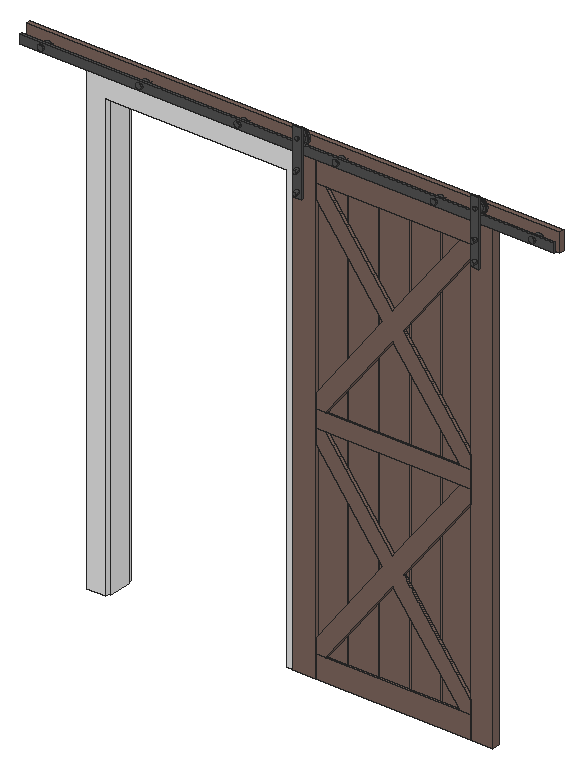
Revit family "Door_Barn_Sagrada", category Doors, host Wall, Revit 2026
Family settings
  Host = Wall
  Classification Number = 23.30.10.17.11
  Always vertical = Yes
  Cut with Voids When Loaded = No
  Shared = No
  Room Calculation Point = No
Parameters (values of type "Cherry")
  panelmovement [instance] = if(Percent Open = 0, 0' 0", 3' 0" / ((100 / Percent Open)))  # 3' - 0"
  longtrackmounts = yes
  Width of Blocking Mounting Board [instance] = 0' - 3 1/2"
  Type Comments = "Confirm Opening Size Requirements"
  Track Width = 8' - 0"
  Strap Design [instance] = BarnDoorStraps : Straight Strap
  Standards Conformance = ""
  Sound Transmission Class (STC) = 0
  Show Generic Cased Opening [instance] = yes
  RO Offset [instance] = 0' - 0 3/4"
  Percent Open [instance] = 100
  Panel Width = 3' - 0"
  Panel Thickness = 0' - 1 3/8"
  Panel Stile Width [instance] = 0' - 4"
  Panel Rail Width_Top [instance] = 0' - 4"
  Panel Rail Width_Bottom [instance] = 0' - 4"
  Panel Intermediate Rail Widths [instance] = 0' - 3"
  Panel Height = 7' - 0"
  Panel Center Rail Width [instance] = 0' - 3"
  Minimum Width = 0' - 0"
  Maximum Width = 0' - 0"
  Locate Center of Track [instance] = 0' - 1 1/2"
  Include Blocking Mounting Board [instance] = yes
  Height to Bottom of Blocking Mounting Board [instance] = 7' - 0 1/16"
  Generic Casing Finish [instance] = Wood - Renin - Painted White
  Function = Interior
  Frame Finish [instance] = Metal - Renin - Matte Black Steel
  Door Finish [instance] = Wood - Renin - Cherry
  Door Design = Door_Barn-Panel_Renin_X : Grooved Wood Panel
  Clear Opening Width [instance] = 2' - 8"
  Clear Opening Height [instance] = 6' - 8"
  Warranty Duration (Years) = 0
  URL = "https://www.renin.com/"
  Thickness = 0' - 0"  # constant formula
  Test Data = ""
  Specification = ""
  SpecWizard = ""
  Send Message = ""
  Sales Information = "https://www.renin.com/contact-us/"
  Rough Width [instance] = (Clear Opening Width + (RO Offset * 2))  # 2' - 9 1/2"
  Rough Height [instance] = (Clear Opening Height + (RO Offset))  # 6' - 8 3/4"
  Product Properties = ""
  Product Data = "http://www.arcat.com/arcatcos/cos49/arc49687.html"
  Manufacturer Website = "https://www.renin.com/"
  Manufacturer Phone - Toll Free = ""
  Manufacturer Fax = "905-791-3813"
  Manufacturer Address = "110 Walker Dr.   Brampton, ON, Canada    L6T 4H6"
  Maintenance Schedule (Months) = 0
  Installation-Fabrication = ""
  Installation Phase = ""
  Green Building-LEED = ""
  Model = "Sagrada - Cherry"
  Manufacturer = "Renin Corp"
  Keynote = "08 00 00"
  Height [instance] = 0' - 0"  # constant formula
  Wall Closure = By host
  Width [instance] = 0' - 0"  # constant formula
  Fire Rating = "As Specified"
  Expected Lifespan (Years) = 0
  Drawn By = "Sumex Design, Inc. / Robert S. Weygant, CSI, CDT, SCIP"  # constant formula
  Description = "Renin Barn Door and Track - Sagrada as Specified"
  Copyright = "©Arcat Inc. R1_2017-03"  # constant formula
  Construction Details = ""
  Center Door Panel Material [instance] = Wood - Renin - Cherry
  Door CL Projection from Wall [instance] = 0' - 2 1/8"
  Building Codes = ""
  Available Options = ""
  Assembly Code = "C1020100"
  Analytic Construction = "<None>"
  Air Space Beneath Door = 0' - 0 7/16"
Reference planes (in)
  plane 1 "Center (Front/Back)": y = -33.96225
  plane 2 "Center (Left/Right)": x = 34.28704
  plane 3: z = 0
  plane 4 "Right": x = 50.28704
  plane 5 "Left": x = 18.28704
  plane 6: z = 0
  plane 7 "Top of Frame": z = 80
  plane 8 "RO Top": z = 80.75
  plane 9 "RO Right": x = 51.03704
  plane 10 "RO Left": x = 17.53704
  plane 11 "EXT WALL FACE": y = -31.96225
  plane 12 "INT WALL FACE": y = -35.96225
  plane 13: x = 51.78704
  plane 14: x = 3.78704
  plane 15: x = 99.78704
  plane 16: y = -38.08725
  plane 17: z = 84.4375
  plane 18: z = 0.4375
  plane 19: z = 85.5625
  plane 20: y = -37.39975
  plane 21: y = -38.77475
  plane 22: x = 52.28704
  plane 23: x = 88.28704
  plane 24: x = 70.28704
Forms (in)
  Sweep 1, solid, material "Wood - Renin - Painted White" <- "Generic Casing Finish", visible <- "Show Generic Cased Opening"
    path origin (0, -35.96225, 0) x (-1, 0, 0) y (0, 0, 1)
      loop
        line (-18.28704, 0) -> (-18.28704, 80) -> (-50.28704, 80) -> (-50.28704, 0)
    profile origin (18.28704, -35.96225, 40) x (1, 0, 0) y (0, 1, 0)
      loop
        line (0, 0) -> (0, 4) -> (-0.75, 4) -> (-0.75, 0) -> (0, 0)
  Sweep 2, solid, material "Wood - Renin - Painted White" <- "Generic Casing Finish", visible <- "Show Generic Cased Opening"
    path origin (0, -35.96225, 0) x (-1, 0, 0) y (0, 0, 1)
      loop
        line (-18.28704, 0) -> (-18.28704, 80) -> (-50.28704, 80) -> (-50.28704, 0)
    profile origin (18.28704, -35.96225, 40) x (1, 0, 0) y (0, 1, 0)
      loop
        line (-0.25, 4) -> (-0.25, 4.75) -> (-3.75, 4.75) -> (-3.75, 4) -> (-0.25, 4)
      loop
        line (-0.25, 0) -> (-3.75, 0) -> (-3.75, -0.75) -> (-0.25, -0.75) -> (-0.25, 0)
  Extrusion 3, solid, material "Metal - Renin - Matte Black Steel" <- "Frame Finish"
    sketch origin (10.10712, -38.08725, 48) x (-1, 0, 0) y (0, 0, 1)
      loop
        line (-89.67991, 38.4375) -> (-89.67991, 36.6875) -> (6.32009, 36.6875) -> (6.32009, 38.4375) -> (-89.67991, 38.4375)
    from 0.125 to -0.125
  Extrusion 4, solid, material "Wood - Renin - Cherry" <- "Door Finish", visible <- "Include Blocking Mounting Board"
    sketch origin (0, -35.96225, 0) x (-1, 0, 0) y (0, 0, 1)
      loop
        line (-3.78704, 87.5625) -> (-99.78704, 87.5625) -> (-99.78704, 84.0625) -> (-3.78704, 84.0625) -> (-3.78704, 87.5625)
    from 0 to -0.75
  Extrusion 5, solid, material "Metal - Renin - Matte Black Steel" <- "Frame Finish", visible <- "longtrackmounts"
    sketch origin (10.10712, -38.08725, 48) x (-1, 0, 0) y (0, 0, 1)
      loop
        circle (-50.52366, 37.5625) r 0.5
      loop
        circle (-68.21116, 37.5625) r 0.5
      loop
        circle (-85.89866, 37.5625) r 0.5
      loop
        circle (-32.83616, 37.5625) r 0.5
      loop
        circle (-15.14866, 37.5625) r 0.5
      loop
        circle (2.53884, 37.5625) r 0.5
    from -0.31146 to 2.125
Lines and regions (in)
  Opening 1
    outline origin (-109.33485, -35.96225, 0) x (1, 0, 0) y (0, 0, 1)
      loop
        line (126.87189, 0) -> (160.37189, 0) -> (160.37189, 80.75) -> (126.87189, 80.75) -> (126.87189, 0)
Text (in)
  text "Exterior" at (-73.77742, -16.66641, 0), in view "Plan"
  text "Interior" at (-73.77742, -50.14366, 0), in view "Plan"
  text "Exterior" at (0, -17.98638, 123.01588), in view "Right"
  text "Interior" at (0, -64.39139, 123.01588), in view "Right"
  text "Interior" at (0, -52.09468, 121.14095), in view "Left"
  text "Exterior" at (0, 26.35325, 123.00693), in view "Left"
Dimensions and locks (in)
  equal spacing: plane 4 "Right", plane 2 "Center (Left/Right)", plane 5 "Left"
  "Clear Opening Width": plane 5 "Left" to plane 4 "Right"
  "Clear Opening Height": level to plane 7 "Top of Frame"
  "RO Offset": plane 5 "Left" to plane 10 "RO Left"
  "RO Offset": plane 9 "RO Right" to plane 4 "Right"
  "RO Offset": plane 7 "Top of Frame" to plane 8 "RO Top"
  Sweep 2 sketch curve to plane 11 "EXT WALL FACE" to Sweep 2 sketch curve = 0' - 0 3/4" locked, 0' - 0" locked
  plane 12 "INT WALL FACE" to Sweep 2 sketch curve to Sweep 2 sketch curve = 0' - 0" locked, 0' - 0 3/4" locked
  Sweep 2 sketch curve to plane 10 "RO Left" to Sweep 2 sketch curve = 0' - 3" locked, 0' - 0 1/2" locked  (x2)
  "Locate Center of Track": plane 4 "Right" to plane 13
  equal spacing: plane 15, plane 13, plane 14
  "Track Width": plane 15 to plane 14
  "Door CL Projection from Wall": plane 12 "INT WALL FACE" to plane 16
  "Air Space Beneath Door": plane 18 to level
  "Panel Height": plane 17 to plane 18
  locked: plane 19 to plane 17 at 1.125
  Extrusion 3 sketch curve to plane 19 to Extrusion 3 sketch curve = 0' - 0 7/8" locked, 0' - 0 7/8" locked
  equal spacing: plane 20, plane 16, plane 21
  "Panel Thickness": plane 20 to plane 21
  locked: plane 23 to plane 22 at 36
  equal spacing: plane 23, plane 24, plane 22
  "panelmovement": plane 24 to plane 2 "Center (Left/Right)"
  "Height to Bottom of Blocking Mounting Board": Extrusion 4 sketch curve to level
  "Width of Blocking Mounting Board": Extrusion 4 sketch curve to Extrusion 4 sketch curve
  Extrusion 5 sketch curve to Extrusion 5 sketch curve to Extrusion 5 sketch curve to plane 13 = 1' - 5 11/16" locked, 1' - 5 11/16" locked, 0' - 8 27/32" locked
  Extrusion 5 sketch curve to Extrusion 5 sketch curve to Extrusion 5 sketch curve = 1' - 5 11/16" locked, 1' - 5 11/16" locked
  locked: plane 13 to Extrusion 5 sketch curve at 8.84375
  aligned and locked: host wall to plane 1 "Center (Front/Back)"
  aligned and locked: Opening 1 sketch curve to level
  aligned and locked: plane 9 "RO Right" to Opening 1 sketch curve
  aligned and locked: Opening 1 sketch curve to plane 8 "RO Top"
  aligned and locked: plane 10 "RO Left" to Opening 1 sketch curve
  aligned and locked: plane 12 "INT WALL FACE" to host wall
  aligned and locked: host wall to plane 11 "EXT WALL FACE"
  aligned and locked: plane 4 "Right" to Sweep 1 sketch curve
  aligned and locked: Sweep 1 sketch curve to plane 5 "Left"
  aligned and locked: Sweep 1 sketch curve to plane 7 "Top of Frame"
  aligned and locked: Sweep 1 sketch curve to plane 11 "EXT WALL FACE"
  aligned and locked: plane 12 "INT WALL FACE" to Sweep 1 sketch curve
  aligned and locked: plane 10 "RO Left" to Sweep 1 sketch curve
  aligned and locked: plane 5 "Left" to Sweep 1 sketch curve
  aligned and locked: plane 5 "Left" to Sweep 2 sketch curve
  aligned and locked: plane 7 "Top of Frame" to Sweep 2 sketch curve
  aligned and locked: Sweep 2 sketch curve to plane 4 "Right"
  aligned and locked: Extrusion 3 sketch curve to plane 15
  aligned and locked: Extrusion 3 sketch curve to plane 14
  aligned and locked: plane 20 to nested 1
  aligned and locked: nested 1 to plane 24
  aligned and locked: plane 24 to nested 2
  aligned and locked: nested 2 to plane 21
  aligned and locked: plane 14 to Extrusion 4 sketch curve
  aligned and locked: plane 15 to Extrusion 4 sketch curve
  aligned and locked: plane 12 "INT WALL FACE" to Extrusion 5
Automatic sketch dimensions
  Sweep 1 sketch curve to level = 0' - 0"  (x2)
  Sweep 2 sketch curve to level = 0' - 0"  (x2)
  Extrusion 5 sketch curve to plane 19 = 0' - 0"  (x6)
  radius of Extrusion 5 sketch curve = 0' - 0 1/2"  (x6)
Nested families (in)
  nested 1: "Door_Barn-Panel_Renin_X" at (70.28704, -36.02475, 0), type <- "Door Design", Stile Width <- "Panel Stile Width", Rail Width_Top <- "Panel Rail Width_Top", Rail Width_Bottom <- "Panel Rail Width_Bottom", Intermediate Rail Width <- "Panel Intermediate Rail Widths", Center Panel Material <- "Center Door Panel Material", Door Finish <- "Door Finish", Center Rail Width <- "Panel Center Rail Width", type "Grooved Wood Panel"
    with groovelineextension 6' - 4", Stile Width 0' - 4", Rail Width_Top 0' - 4", Rail Width_Bottom 0' - 4", Panel Width 3' - 0", Panel Thickness 0' - 1 3/8", Panel Height 7' - 0", Intermediate Rail Width 0' - 3", Door Finish Wood - Renin - Cherry, Center Rail Width 0' - 3", Center Panel Thickness 0' - 0 1/2", Center Panel Material Wood - Renin - Cherry
  nested 2: "BarnDoorStraps" at (70.28704, -38.77475, 84.4375), type <- "Strap Design", Stile Width <- "Panel Stile Width", finish <- "Frame Finish", type "Straight Strap"
    with finish Metal - Renin - Matte Black Steel, Stile Width 0' - 4", Top Mount no, Strap Mountings yes, Straight Strap yes
Definition of nested family "Door_Barn-Panel_Renin_X"
  Parameters
    groovelineextension [instance] = if(Grooved Wood Panel, Panel Height - Rail Width_Top - Rail Width_Bottom, 0' 0")  # 6' - 4"
    Stile Width [instance] = 0' - 4.0428"
    Rail Width_Top [instance] = 0' - 4"
    Rail Width_Bottom [instance] = 0' - 4"
    Panel Width [instance] = 3' - 0"
    Panel Thickness [instance] = 0' - 1 3/8"
    Panel Height [instance] = 7' - 0"
    Intermediate Rail Width [instance] = 0' - 3"
    Grooved Wood Panel = yes
    Glazing Panel = no
    Door Finish [instance] = none
    Default Elevation = 0' - 0"  # constant formula
    Center Rail Width [instance] = 0' - 3"
    Center Panel Thickness [instance] = 0' - 0 1/2"
    Center Panel Material [instance] = none
  Reference planes (in)
    plane 1 "Center (Front/Back)": y = 0
    plane 2: z = 0
    plane 3 "Center (Left/Right)": x = 0
    plane 4: x = -18
    plane 5: x = 18
    plane 6: z = 0.4375
    plane 7: z = 84.4375
    plane 8: y = -1.375
    plane 9: z = 80.4375
    plane 10: z = 4.4375
    plane 11: x = -13.9572
    plane 12: x = 13.9572
    plane 13: y = -0.6875
    plane 14: y = -0.4375
    plane 15: y = -0.9375
    plane 16: x = -8.37432
    plane 17: x = -2.79144
    plane 18: x = 2.79144
    plane 19: x = 8.37432
    plane 20: z = 42.4375
    plane 21: z = 43.9375
    plane 22: z = 40.9375
  Forms (in)
    Extrusion 1, solid, material <- "Door Finish"
      sketch origin (0, 0, 0) x (1, 0, 0) y (0, 0, 1)
        loop
          line (-13.9572, 4.4375) -> (-13.9572, 0.4375) -> (13.9572, 0.4375) -> (13.9572, 4.4375) -> (-13.9572, 4.4375)
      from 0 to 1.375 <- "Panel Thickness"
    Extrusion 2, solid, material <- "Door Finish"
      sketch origin (0, 0, 0) x (1, 0, 0) y (0, 0, 1)
        loop
          line (-18, 84.4375) -> (-18, 0.4375) -> (-13.9572, 0.4375) -> (-13.9572, 84.4375) -> (-18, 84.4375)
        loop
          line (13.9572, 84.4375) -> (13.9572, 0.4375) -> (18, 0.4375) -> (18, 84.4375) -> (13.9572, 84.4375)
      from 0 to 1.375 <- "Panel Thickness"
    Extrusion 3, solid, material <- "Door Finish"
      sketch origin (0, 0, 0) x (1, 0, 0) y (0, 0, 1)
        loop
          line (-13.9572, 84.4375) -> (-13.9572, 80.4375) -> (13.9572, 80.4375) -> (13.9572, 84.4375) -> (-13.9572, 84.4375)
      from 0 to 1.375 <- "Panel Thickness"
    Extrusion 4, solid, material <- "Center Panel Material"
      sketch origin (-18.65389, -0.6875, 48) x (-1, 0, 0) y (0, 0, 1)
        loop
          line (-4.69669, 32.4375) -> (-32.61109, 32.4375) -> (-32.61109, -43.5625) -> (-4.69669, -43.5625) -> (-4.69669, 32.4375)
      from -0.25 to 0.25
    Extrusion 5, void
      sketch origin (-21.72866, -180, 80.4375) x (0, -1, 0) y (-1, 0, 0)
        loop
          line (-179.5625, -13.47934) -> (-179.49033, -13.35434) -> (-179.5625, -13.22934) -> (-179.5625, -13.47934)
        loop
          line (-179.0625, -13.47934) -> (-179.0625, -13.22934) -> (-179.13467, -13.35434) -> (-179.0625, -13.47934)
      from -0.5 to 76 <- "groovelineextension"
    Extrusion 6, void
      sketch origin (-21.72866, -180, 80.4375) x (0, -1, 0) y (-1, 0, 0)
        loop
          line (-179.49033, -18.93722) -> (-179.5625, -18.81222) -> (-179.5625, -19.06222) -> (-179.49033, -18.93722)
        loop
          line (-179.0625, -18.81222) -> (-179.13467, -18.93722) -> (-179.0625, -19.06222) -> (-179.0625, -18.81222)
      from -0.5 to 76 <- "groovelineextension"
    Extrusion 7, void
      sketch origin (-21.72866, -180, 80.4375) x (0, -1, 0) y (-1, 0, 0)
        loop
          line (-179.49033, -24.5201) -> (-179.5625, -24.3951) -> (-179.5625, -24.6451) -> (-179.49033, -24.5201)
        loop
          line (-179.0625, -24.3951) -> (-179.13467, -24.5201) -> (-179.0625, -24.6451) -> (-179.0625, -24.3951)
      from -0.5 to 76 <- "groovelineextension"
    Extrusion 8, void
      sketch origin (-21.72866, -180, 80.4375) x (0, -1, 0) y (-1, 0, 0)
        loop
          line (-179.49033, -30.10298) -> (-179.5625, -29.97798) -> (-179.5625, -30.22798) -> (-179.49033, -30.10298)
        loop
          line (-179.0625, -29.97798) -> (-179.13467, -30.10298) -> (-179.0625, -30.22798) -> (-179.0625, -29.97798)
      from -0.5 to 76 <- "groovelineextension"
    Extrusion 9, solid, material <- "Door Finish"
      sketch origin (0, 0, 0) x (1, 0, 0) y (0, 0, 1)
        loop
          line (-13.9572, 43.9375) -> (-13.9572, 40.9375) -> (13.9572, 40.9375) -> (13.9572, 43.9375) -> (-13.9572, 43.9375)
      from 0 to 1.375 <- "Panel Thickness"
    Extrusion 10, solid, material <- "Door Finish"
      sketch origin (13.9572, 0, 80.4375) x (-0.607486, 0, -0.79433) y (0.79433, 0, -0.607486)
        loop
          line (1.96135, 1.5) -> (0, 0) -> (1.14717, -1.5) -> (43.98931, -1.5) -> (45.95067, 0) -> (44.8035, 1.5) -> (1.96135, 1.5)
      from 0 to 1.375 <- "Panel Thickness"
    Extrusion 11, solid, material <- "Door Finish"
      sketch origin (-13.9572, 0, 40.9375) x (0.607486, 0, -0.79433) y (0.79433, 0, 0.607486)
        loop
          line (1.14717, 1.5) -> (0, 0) -> (1.96135, -1.5) -> (44.8035, -1.5) -> (45.95067, 0) -> (43.98931, 1.5) -> (1.14717, 1.5)
      from 0 to 1.375 <- "Panel Thickness"
    Extrusion 12, solid, material <- "Door Finish"
      sketch origin (-13.9572, 0, 80.4375) x (0.607486, 0, -0.79433) y (0.79433, 0, 0.607486)
        loop
          line (44.8035, -1.5) -> (45.95067, 0) -> (43.98931, 1.5) -> (1.14717, 1.5) -> (0, 0) -> (1.96135, -1.5) -> (44.8035, -1.5)
      from 0 to 1.375 <- "Panel Thickness"
    Extrusion 13, solid, material <- "Door Finish"
      sketch origin (13.9572, 0, 40.9375) x (-0.607486, 0, -0.79433) y (0.79433, 0, -0.607486)
        loop
          line (43.98931, -1.5) -> (45.95067, 0) -> (44.8035, 1.5) -> (1.96135, 1.5) -> (0, 0) -> (1.14717, -1.5) -> (43.98931, -1.5)
      from 0 to 1.375 <- "Panel Thickness"
  Cuts and joins
    Extrusion 5, Extrusion 6, Extrusion 7, Extrusion 8 cuts Extrusion 1
    Extrusion 5, Extrusion 6, Extrusion 7, Extrusion 8 cuts Extrusion 4
    joined: Extrusion 10, Extrusion 12
    joined: Extrusion 11, Extrusion 13
  Lines and regions (in)
    reference lines
      curve 1: line (13.9572, 0, 80.4375) -> (-13.9572, 0, 43.9375)
      curve 2: line (-13.9572, 0, 40.9375) -> (13.9572, 0, 4.4375)
      curve 3: line (-13.9572, 0, 80.4375) -> (13.9572, 0, 43.9375)
      curve 4: line (13.9572, 0, 40.9375) -> (-13.9572, 0, 4.4375)
  Dimensions and locks (in)
    equal spacing: plane 4, plane 3 "Center (Left/Right)", plane 5
    "Panel Width": plane 4 to plane 5
    locked: plane 6 to level at 0.4375
    "Panel Height": plane 7 to plane 6
    "Panel Thickness": plane 8 to plane 1 "Center (Front/Back)"
    "Stile Width": plane 11 to plane 4
    "Stile Width": plane 5 to plane 12
    "Rail Width_Top": plane 7 to plane 9
    "Rail Width_Bottom": plane 10 to plane 6
    equal spacing: plane 8, plane 13, plane 1 "Center (Front/Back)"
    equal spacing: plane 14, plane 13, plane 15
    "Center Panel Thickness": plane 14 to plane 15
    equal spacing: plane 11, plane 16, plane 17, plane 18, plane 19, plane 12
    Extrusion 5 sketch curve to plane 16 to Extrusion 5 sketch curve = 0' - 0 1/8" locked, 0' - 0 1/8" locked  (x2)
    plane 14 to Extrusion 5 sketch curve to Extrusion 5 sketch curve = 0' - 0" locked, 0' - 0.07217" locked
    plane 15 to Extrusion 5 sketch curve to Extrusion 5 sketch curve = 0' - 0" locked, 0' - 0.07217" locked
    Extrusion 6 sketch curve to plane 17 to Extrusion 6 sketch curve = 0' - 0 1/8" locked, 0' - 0 1/8" locked  (x2)
    plane 14 to Extrusion 6 sketch curve to Extrusion 6 sketch curve = 0' - 0" locked, 0' - 0.07217" locked
    plane 15 to Extrusion 6 sketch curve to Extrusion 6 sketch curve = 0' - 0" locked, 0' - 0.07217" locked
    Extrusion 7 sketch curve to plane 18 to Extrusion 7 sketch curve = 0' - 0 1/8" locked, 0' - 0 1/8" locked  (x2)
    plane 14 to Extrusion 7 sketch curve to Extrusion 7 sketch curve = 0' - 0" locked, 0' - 0.07217" locked
    plane 15 to Extrusion 7 sketch curve to Extrusion 7 sketch curve = 0' - 0" locked, 0' - 0.07217" locked
    Extrusion 8 sketch curve to plane 19 to Extrusion 8 sketch curve = 0' - 0 1/8" locked, 0' - 0 1/8" locked  (x2)
    plane 14 to Extrusion 8 sketch curve to Extrusion 8 sketch curve = 0' - 0" locked, 0' - 0.07217" locked
    plane 15 to Extrusion 8 sketch curve to Extrusion 8 sketch curve = 0' - 0" locked, 0' - 0.07217" locked
    equal spacing: plane 9, plane 20, plane 10
    equal spacing: plane 21, plane 20, plane 22
    "Center Rail Width": plane 21 to plane 22
    equal spacing: Extrusion 10 sketch curve, curve 1, Extrusion 10 sketch curve
    "Intermediate Rail Width": Extrusion 10 sketch curve to Extrusion 10 sketch curve
    equal spacing: Extrusion 11 sketch curve, curve 2, Extrusion 11 sketch curve
    "Intermediate Rail Width": Extrusion 11 sketch curve to Extrusion 11 sketch curve
    equal spacing: Extrusion 12 sketch curve, curve 3, Extrusion 12 sketch curve
    "Intermediate Rail Width": Extrusion 12 sketch curve to Extrusion 12 sketch curve
    equal spacing: Extrusion 13 sketch curve, curve 4, Extrusion 13 sketch curve
    "Intermediate Rail Width": Extrusion 13 sketch curve to Extrusion 13 sketch curve
    aligned and locked: plane 2 to level
    aligned and locked: Extrusion 1 sketch curve to plane 10
    aligned and locked: plane 11 to Extrusion 1 sketch curve
    aligned and locked: plane 6 to Extrusion 1 sketch curve
    aligned and locked: Extrusion 1 sketch curve to plane 12
    aligned and locked: Extrusion 2 sketch curve to plane 7  (x2)
    aligned and locked: plane 4 to Extrusion 2 sketch curve
    aligned and locked: Extrusion 2 sketch curve to Extrusion 1  (x2)
    aligned and locked: plane 12 to Extrusion 2 sketch curve
    aligned and locked: plane 6 to Extrusion 2 sketch curve
    aligned and locked: Extrusion 2 sketch curve to plane 5
    aligned and locked: Extrusion 3 sketch curve to Extrusion 2
    aligned and locked: Extrusion 2 to Extrusion 3 sketch curve
    aligned and locked: plane 9 to Extrusion 3 sketch curve
    aligned and locked: Extrusion 3 sketch curve to plane 12
    aligned and locked: Extrusion 4 sketch curve to Extrusion 3  (x2)
    aligned and locked: Extrusion 4 sketch curve to Extrusion 1  (x2)
    aligned and locked: plane 15 to Extrusion 4
    aligned and locked: plane 14 to Extrusion 4
    aligned and locked: plane 11 to curve 1
    aligned and locked: plane 12 to curve 1
    aligned and locked: plane 9 to curve 1
    aligned and locked: plane 21 to curve 1
    aligned and locked: plane 12 to curve 2
    aligned and locked: plane 10 to curve 2
    aligned and locked: plane 11 to curve 2
    aligned and locked: plane 22 to curve 2
    aligned and locked: plane 21 to Extrusion 9 sketch curve
    aligned and locked: Extrusion 9 sketch curve to plane 22
    aligned and locked: Extrusion 9 sketch curve to plane 11
    aligned and locked: plane 12 to Extrusion 9 sketch curve
    aligned and locked: Extrusion 10 sketch curve to plane 9
    aligned and locked: Extrusion 10 sketch curve to plane 12
    aligned and locked: Extrusion 10 sketch curve to plane 11
    aligned and locked: Extrusion 10 sketch curve to plane 21
    aligned and locked: Extrusion 11 sketch curve to plane 22
    aligned and locked: plane 11 to Extrusion 11 sketch curve
    aligned and locked: plane 10 to Extrusion 11 sketch curve
    aligned and locked: Extrusion 11 sketch curve to plane 12
    aligned and locked: plane 11 to curve 4
    aligned and locked: plane 10 to curve 4
    aligned and locked: plane 12 to curve 4
    aligned and locked: plane 22 to curve 4
    aligned and locked: plane 21 to curve 3
    aligned and locked: plane 12 to curve 3
    aligned and locked: plane 9 to curve 3
    aligned and locked: plane 11 to curve 3
    aligned and locked: Extrusion 12 sketch curve to plane 9
    aligned and locked: plane 11 to Extrusion 12 sketch curve
    aligned and locked: Extrusion 12 sketch curve to plane 12
    aligned and locked: plane 21 to Extrusion 12 sketch curve
    aligned and locked: Extrusion 13 sketch curve to plane 22
    aligned and locked: Extrusion 13 sketch curve to plane 12
    aligned and locked: plane 11 to Extrusion 13 sketch curve
    aligned and locked: plane 10 to Extrusion 13 sketch curve
  Automatic sketch dimensions
    Extrusion 5 sketch curve to plane 16 = 0' - 0"  (x2)
    Extrusion 6 sketch curve to plane 17 = 0' - 0"  (x2)
    Extrusion 7 sketch curve to plane 18 = 0' - 0"  (x2)
    Extrusion 8 sketch curve to plane 19 = 0' - 0"  (x2)
Definition of nested family "BarnDoorStraps"
  Parameters
    finish [instance] = none
    Top Mount = yes
    Strap Mountings = no
    Straight Strap = no
    Stile Width [instance] = 0' - 4"
    Default Elevation = 4' - 0"
    Bent Strap = no
  Reference planes (in)
    plane 1 "Center (Front/Back)": y = 0
    plane 2: z = 0
    plane 3 "Center (Left/Right)": x = 0
    plane 4: x = -18
    plane 5: x = 18
    plane 6: x = -14
    plane 7: x = 14
    plane 8: x = -16
    plane 9: x = 16
    plane 10: x = -14.75
    plane 11: x = 14.75
  Forms (in)
    Extrusion 1, solid, material <- "finish", visible <- "Straight Strap"
      sketch origin (-16, -180, 3.46053) x (0, 0, 1) y (0, -1, 0)
        loop
          line (1.53947, -180) -> (1.53947, -179.8125) -> (-9.96053, -179.8125) -> (-9.96053, -180) -> (1.53947, -180)
      from 0.75 to -0.75
    Extrusion 2, solid, material <- "finish", visible <- "Straight Strap"
      sketch origin (16, -180, 3.46053) x (0, 0, 1) y (0, -1, 0)
        loop
          line (1.53947, -180) -> (1.53947, -179.8125) -> (-9.96053, -179.8125) -> (-9.96053, -180) -> (1.53947, -180)
      from 0.75 to -0.75
    Extrusion 3, solid, material <- "finish", visible <- "Strap Mountings"
      sketch origin (0, 0, 0) x (1, 0, 0) y (0, 0, 1)
        loop
          circle (-16, -1.9375) r 0.33529
        loop
          circle (-16, -5.5) r 0.33529
        loop
          circle (16, -1.9375) r 0.33529
        loop
          circle (16, -5.5) r 0.33529
      from 0.1875 to 0.83898
    Revolve 4, solid, material <- "finish", visible <- "Strap Mountings"
      sketch origin (-16, -180, 3.46053) x (0, 0, 1) y (0, -1, 0)
        loop
          line (-0.64045, -180) -> (-1.06567, -180) -> (-1.19953, -180.45376) -> (-1.71053, -180.45376) -> (-1.71053, -180.56187) -> (-1.46053, -180.56187) -> (-1.46053, -180.81187) -> (-1.71053, -180.81187) -> (-1.71053, -180.92124) -> (-1.19953, -180.92124) -> (-1.06567, -181.375) -> (-0.33553, -181.375) -> (-0.33553, -179.6989) -> (-0.64045, -179.6989) -> (-0.64045, -180)
        axis (-0.33553, -179.6989) -> (-0.33553, -181.375)
      angle from 0 to 360
    Revolve 5, solid, material <- "finish", visible <- "Strap Mountings"
      sketch origin (16, -180, 3.46053) x (0, 0, 1) y (0, -1, 0)
        loop
          line (-0.64045, -180) -> (-1.06567, -180) -> (-1.19953, -180.45376) -> (-1.71053, -180.45376) -> (-1.71053, -180.56187) -> (-1.46053, -180.56187) -> (-1.46053, -180.81187) -> (-1.71053, -180.81187) -> (-1.71053, -180.92124) -> (-1.19953, -180.92124) -> (-1.06567, -181.375) -> (-0.33553, -181.375) -> (-0.33553, -179.6989) -> (-0.64045, -179.6989) -> (-0.64045, -180)
        axis (-0.33553, -179.6989) -> (-0.33553, -181.375)
      angle from 0 to 360
    Extrusion 6, solid, material <- "finish", visible <- "Bent Strap"
      sketch origin (-16, -180, 3.46053) x (0, 0, 1) y (0, -1, 0)
        loop
          line (0.78947, -179.8125) -> (-9.96053, -179.8125) -> (-9.96053, -180) -> (0.78947, -180)
          arc (0.78947, -180) -> (1.47697, -180.6875) -> (0.78947, -181.375) r 0.6875
          line (0.78947, -181.375) -> (-0.96053, -181.375) -> (-0.96053, -181.5625) -> (0.78947, -181.5625)
          arc (0.78947, -181.5625) -> (1.66447, -180.6875) -> (0.78947, -179.8125) r 0.875
      from 0.75 to -0.75
    Extrusion 7, solid, material <- "finish", visible <- "Bent Strap"
      sketch origin (16, -180, 3.46053) x (0, 0, 1) y (0, -1, 0)
        loop
          line (0.78947, -179.8125) -> (-9.96053, -179.8125) -> (-9.96053, -180) -> (0.78947, -180)
          arc (0.78947, -180) -> (1.47697, -180.6875) -> (0.78947, -181.375) r 0.6875
          line (0.78947, -181.375) -> (-0.96053, -181.375) -> (-0.96053, -181.5625) -> (0.78947, -181.5625)
          arc (0.78947, -181.5625) -> (1.66447, -180.6875) -> (0.78947, -179.8125) r 0.875
      from 0.75 to -0.75
    Revolve 8, solid, material <- "finish", visible <- "Top Mount"
      sketch origin (-14.75, -180, 3.46053) x (0, 0, 1) y (0, -1, 0)
        loop
          line (-0.64045, -180) -> (-1.06567, -180) -> (-1.19953, -180.45376) -> (-1.71053, -180.45376) -> (-1.71053, -180.56187) -> (-1.46053, -180.56187) -> (-1.46053, -180.81187) -> (-1.71053, -180.81187) -> (-1.71053, -180.92124) -> (-1.19953, -180.92124) -> (-1.06567, -181.375) -> (-0.33553, -181.375) -> (-0.33553, -179.6989) -> (-0.64045, -179.6989) -> (-0.64045, -180)
        axis (-0.33553, -179.6989) -> (-0.33553, -181.375)
      angle from 0 to 360
    Revolve 9, solid, material <- "finish", visible <- "Top Mount"
      sketch origin (14.75, -180, 3.46053) x (0, 0, 1) y (0, -1, 0)
        loop
          line (-0.64045, -180) -> (-1.06567, -180) -> (-1.19953, -180.45376) -> (-1.71053, -180.45376) -> (-1.71053, -180.56187) -> (-1.46053, -180.56187) -> (-1.46053, -180.81187) -> (-1.71053, -180.81187) -> (-1.71053, -180.92124) -> (-1.19953, -180.92124) -> (-1.06567, -181.375) -> (-0.33553, -181.375) -> (-0.33553, -179.6989) -> (-0.64045, -179.6989) -> (-0.64045, -180)
        axis (-0.33553, -179.6989) -> (-0.33553, -181.375)
      angle from 0 to 360
    Extrusion 10, solid, material <- "finish", visible <- "Top Mount"
      sketch origin (0, 0, 0) x (1, 0, 0) y (0, 0, 1)
        loop
          line (-15.5, 0) -> (-14, 0) -> (-14, 3.125)
          arc (-14, 3.125) -> (-14.75, 3.875) -> (-15.5, 3.125) r 0.75
          line (-15.5, 3.125) -> (-15.5, 0)
        loop
          line (15.5, 0) -> (15.5, 3.125)
          arc (15.5, 3.125) -> (14.75, 3.875) -> (14, 3.125) r 0.75
          line (14, 3.125) -> (14, 0) -> (15.5, 0)
      from 0 to 0.1875
    Extrusion 11, solid, material <- "finish", visible <- "Top Mount"
      sketch origin (0, 0, 0) x (1, 0, 0) y (0, 1, 0)
        loop
          line (-16.5, 0.0625) -> (-15.5, 0.0625) -> (-15.5, 0) -> (-14, 0) -> (-14, 0.0625) -> (-13, 0.0625)
          arc (-13, 0.0625) -> (-12.375, 0.6875) -> (-13, 1.3125) r 0.625
          line (-13, 1.3125) -> (-16.5, 1.3125)
          arc (-16.5, 1.3125) -> (-17.125, 0.6875) -> (-16.5, 0.0625) r 0.625
        loop
          arc (16.5, 0.0625) -> (17.125, 0.6875) -> (16.5, 1.3125) r 0.625
          line (16.5, 1.3125) -> (13, 1.3125)
          arc (13, 1.3125) -> (12.375, 0.6875) -> (13, 0.0625) r 0.625
          line (13, 0.0625) -> (14, 0.0625) -> (14, 0) -> (15.5, 0) -> (15.5, 0.0625) -> (16.5, 0.0625)
      from 0 to 0.19622
  Cuts and joins
    joined: Extrusion 10, Extrusion 11
  Dimensions and locks (in)
    plane 4 to plane 3 "Center (Left/Right)" to plane 5 = 1' - 6" locked, 1' - 6" locked
    "Stile Width": plane 6 to plane 4
    "Stile Width": plane 5 to plane 7
    equal spacing: plane 6, plane 8, plane 4
    equal spacing: plane 5, plane 9, plane 7
    locked: plane 6 to plane 10 at 0.75
    locked: plane 11 to plane 7 at 0.75
    plane 6 to Extrusion 10 sketch curve to Extrusion 10 sketch curve = 0' - 0" locked, 0' - 1 1/2" locked
    Extrusion 10 sketch curve to plane 7 to Extrusion 10 sketch curve = 0' - 1 1/2" locked, 0' - 0" locked
    Extrusion 11 sketch curve to plane 10 to Extrusion 11 sketch curve = 0' - 1 3/4" locked, 0' - 1 3/4" locked
    Extrusion 11 sketch curve to plane 11 to Extrusion 11 sketch curve = 0' - 1 3/4" locked, 0' - 1 3/4" locked
    plane 7 to Extrusion 11 sketch curve to Extrusion 11 sketch curve = 0' - 0" locked, 0' - 1 1/2" locked
    Extrusion 11 sketch curve to plane 6 to Extrusion 11 sketch curve = 0' - 1 1/2" locked, 0' - 0" locked
    aligned and locked: plane 2 to level
  Automatic sketch dimensions
    Extrusion 1 sketch curve to plane 1 "Center (Front/Back)" = 0' - 0"
    Extrusion 1 sketch curve to level = 0' - 6 1/2"
    plane 1 "Center (Front/Back)" to Extrusion 1 sketch curve = 0' - 0 3/16"
    level to Extrusion 1 sketch curve = 0' - 5"
    Extrusion 2 sketch curve to plane 1 "Center (Front/Back)" = 0' - 0"
    Extrusion 2 sketch curve to level = 0' - 6 1/2"
    plane 1 "Center (Front/Back)" to Extrusion 2 sketch curve = 0' - 0 3/16"
    level to Extrusion 2 sketch curve = 0' - 5"
    Extrusion 3 sketch curve to plane 8 = 0' - 0"  (x2)
    Extrusion 3 sketch curve to plane 9 = 0' - 0"  (x2)
    Extrusion 3 sketch curve to level = 0' - 5 1/2"  (x2)
    Extrusion 3 sketch curve to level = 0' - 1 15/16"  (x2)
    Revolve 4 sketch curve to plane 1 "Center (Front/Back)" = 0' - 0"  (x2)
    Revolve 4 sketch curve to plane 1 "Center (Front/Back)" = 0' - 0.81187"
    level to Revolve 4 sketch curve = 0' - 1 3/4"
    Revolve 4 sketch curve to Revolve 4 sketch curve = 0' - 0"  (x2)
    Revolve 4 sketch curve to Revolve 4 sketch curve = 0' - 0 1/4"  (x2)
    Revolve 4 sketch curve to plane 1 "Center (Front/Back)" = 0' - 0.45376"
    Revolve 4 sketch curve to Revolve 4 sketch curve = 0' - 0.261"  (x2)
    Revolve 4 sketch curve to Revolve 4 sketch curve = 0' - 0.13386"  (x2)
    Revolve 4 sketch curve to Revolve 4 sketch curve = 0' - 0.42522"
    Revolve 4 sketch curve to Revolve 4 sketch curve = 0' - 0.73014"
    Revolve 4 sketch curve to Revolve 4 sketch curve = 0' - 0 7/64"
    Revolve 4 sketch curve to Revolve 4 sketch curve = 0' - 0.45376"
    plane 1 "Center (Front/Back)" to Revolve 4 sketch curve = 0' - 0.3011"
    Revolve 4 sketch curve to Revolve 4 sketch curve = 0' - 2 1/8"
    Revolve 5 sketch curve to plane 1 "Center (Front/Back)" = 0' - 0"  (x2)
    Revolve 5 sketch curve to plane 1 "Center (Front/Back)" = 0' - 0.81187"
    level to Revolve 5 sketch curve = 0' - 1 3/4"
    Revolve 5 sketch curve to Revolve 5 sketch curve = 0' - 0"  (x2)
    Revolve 5 sketch curve to Revolve 5 sketch curve = 0' - 0 1/4"  (x2)
    Revolve 5 sketch curve to plane 1 "Center (Front/Back)" = 0' - 0.45376"
    Revolve 5 sketch curve to Revolve 5 sketch curve = 0' - 0.261"  (x2)
    Revolve 5 sketch curve to Revolve 5 sketch curve = 0' - 0.13386"  (x2)
    Revolve 5 sketch curve to Revolve 5 sketch curve = 0' - 0.42522"
    Revolve 5 sketch curve to Revolve 5 sketch curve = 0' - 0.73014"
    Revolve 5 sketch curve to Revolve 5 sketch curve = 0' - 0 7/64"
    Revolve 5 sketch curve to Revolve 5 sketch curve = 0' - 0.45376"
    plane 1 "Center (Front/Back)" to Revolve 5 sketch curve = 0' - 0.3011"
    Revolve 5 sketch curve to Revolve 5 sketch curve = 0' - 2 1/8"
    Extrusion 6 sketch curve to Extrusion 6 sketch curve = 0' - 0"  (x2)
    Extrusion 6 sketch curve to plane 1 "Center (Front/Back)" = 0' - 0"
    plane 1 "Center (Front/Back)" to Extrusion 6 sketch curve = 0' - 0 3/16"
    Extrusion 6 sketch curve to level = 0' - 6 1/2"
    level to Extrusion 6 sketch curve = 0' - 2 1/2"
    Extrusion 6 sketch curve to Extrusion 6 sketch curve = 0' - 1 3/4"
    Extrusion 6 sketch curve to Extrusion 6 sketch curve = 0' - 0 11/16"
    Extrusion 7 sketch curve to Extrusion 7 sketch curve = 0' - 0"  (x2)
    Extrusion 7 sketch curve to plane 1 "Center (Front/Back)" = 0' - 0"
    plane 1 "Center (Front/Back)" to Extrusion 7 sketch curve = 0' - 0 3/16"
    Extrusion 7 sketch curve to level = 0' - 6 1/2"
    level to Extrusion 7 sketch curve = 0' - 2 1/2"
    Extrusion 7 sketch curve to Extrusion 7 sketch curve = 0' - 1 3/4"
    Extrusion 7 sketch curve to Extrusion 7 sketch curve = 0' - 0 11/16"
    Revolve 8 sketch curve to plane 1 "Center (Front/Back)" = 0' - 0"  (x2)
    Revolve 8 sketch curve to plane 1 "Center (Front/Back)" = 0' - 0.81187"
    level to Revolve 8 sketch curve = 0' - 1 3/4"
    Revolve 8 sketch curve to Revolve 8 sketch curve = 0' - 0"  (x2)
    Revolve 8 sketch curve to Revolve 8 sketch curve = 0' - 0 1/4"  (x2)
    Revolve 8 sketch curve to plane 1 "Center (Front/Back)" = 0' - 0.45376"
    Revolve 8 sketch curve to Revolve 8 sketch curve = 0' - 0.261"  (x2)
    Revolve 8 sketch curve to Revolve 8 sketch curve = 0' - 0.13386"  (x2)
    Revolve 8 sketch curve to Revolve 8 sketch curve = 0' - 0.42522"
    Revolve 8 sketch curve to Revolve 8 sketch curve = 0' - 0.73014"
    Revolve 8 sketch curve to Revolve 8 sketch curve = 0' - 0 7/64"
    Revolve 8 sketch curve to Revolve 8 sketch curve = 0' - 0.45376"
    plane 1 "Center (Front/Back)" to Revolve 8 sketch curve = 0' - 0.3011"
    Revolve 8 sketch curve to Revolve 8 sketch curve = 0' - 2 1/8"
    Revolve 9 sketch curve to plane 1 "Center (Front/Back)" = 0' - 0"  (x2)
    Revolve 9 sketch curve to plane 1 "Center (Front/Back)" = 0' - 0.81187"
    level to Revolve 9 sketch curve = 0' - 1 3/4"
    Revolve 9 sketch curve to Revolve 9 sketch curve = 0' - 0"  (x2)
    Revolve 9 sketch curve to Revolve 9 sketch curve = 0' - 0 1/4"  (x2)
    Revolve 9 sketch curve to plane 1 "Center (Front/Back)" = 0' - 0.45376"
    Revolve 9 sketch curve to Revolve 9 sketch curve = 0' - 0.261"  (x2)
    Revolve 9 sketch curve to Revolve 9 sketch curve = 0' - 0.13386"  (x2)
    Revolve 9 sketch curve to Revolve 9 sketch curve = 0' - 0.42522"
    Revolve 9 sketch curve to Revolve 9 sketch curve = 0' - 0.73014"
    Revolve 9 sketch curve to Revolve 9 sketch curve = 0' - 0 7/64"
    Revolve 9 sketch curve to Revolve 9 sketch curve = 0' - 0.45376"
    Revolve 9 sketch curve to Revolve 9 sketch curve = 0' - 0.3011"
    Revolve 9 sketch curve to Revolve 9 sketch curve = 0' - 2 1/8"
    Extrusion 10 sketch curve to level = 0' - 0"  (x2)
    level to Extrusion 10 sketch curve = 0' - 3 1/8"
    Extrusion 10 sketch curve to Extrusion 10 sketch curve = 0' - 3 1/8"
    plane 1 "Center (Front/Back)" to Extrusion 11 sketch curve = 0' - 0"  (x2)
    Extrusion 11 sketch curve to plane 1 "Center (Front/Back)" = 0' - 0 1/16"  (x4)
    Extrusion 11 sketch curve to Extrusion 11 sketch curve = 0' - 0 5/8"  (x2)
    radius of Extrusion 3 sketch curve = 0' - 0.33529"  (x4)
